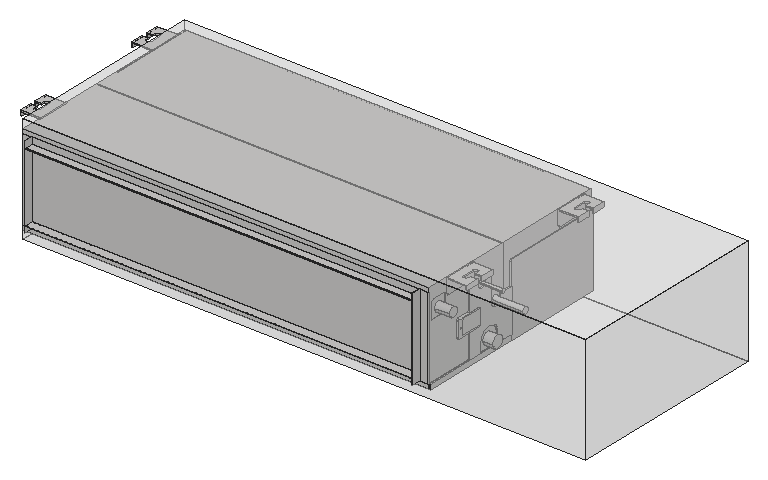
Revit family "outputfile", category 機械設備, Revit 2024
Family settings
  丸型コネクタ寸法 = 半径を使用
  パーツ タイプ = 標準
  OmniClass 番号 = 23.75.10.24.21.27.27
  OmniClass タイトル = Split System Air Conditioning Units
  作業面ベース = いいえ
  常に垂直 = はい
  ロード時にボイドで切り取り = いいえ
  注釈の向きを維持 = いいえ
  共有 = いいえ
  部屋計算ポイント = はい
Parameters (values of type "FXDQ40TV1C")
  Description = ""
  製造元 = "Daikin"
  書き出し IFC クラス(タイプ) = "IfcUnitaryEquipmentType"
  定義済み IFC タイプ(タイプ) = "AIRCONDITIONINGUNIT"
  Cost = 0
  モデル = "FXDQ40TV1C"
  Type Comments = ""
  Keynote = ""
  Type Image = (empty or 0)
  Assembly Code = ""
  r_Liquid Pipe Size = Liquid Pipe Size / 2  # 3.2 mm
  r_Gas Pipe Size = Gas Pipe Size / 2  # 6.35 mm
  r_Drain Pipe Size = Drain Pipe Size / 2  # 10.0 mm
  lw_powersuply = 65.0 mm  # constant formula
  lh_suctionflange [instance] = [h***] + 100.5 mm  # 100.5 mm
  lh_mounting = lh_mountinghole + [h***]  # 200.0 mm
  ld_suctionflange [instance] = if(and(Rear Connection_Return Air, Width = 700.0 mm), 94.5 mm, if(and(Rear Connection_Return Air, Width = 900.0 mm), 94.0 mm, if(and(Rear Connection_Return Air, Width = 1100.0 mm), 94.0 mm, 100.5 mm)))  # 94.0 mm
  ld_powersuply = 64.0 mm  # constant formula
  ld_mountinghole_Back = if(Width = 900.0 mm, 169.0 mm, 165.0 mm)  # 169.0 mm
  ld_mountinghole_Front = if(Width = 900.0 mm, 140.0 mm, 144.0 mm)  # 140.0 mm
  ld_RA_below = if(Width = 700.0 mm, 189.0 mm, 188.0 mm)  # 188.0 mm
  ld_RA = if(Width = 700.0 mm, 94.5 mm, 94.0 mm)  # 94.0 mm
  angle_vertical_RA [instance] = if(Rear Connection_Return Air, 90.00°, 0.00°)  # 90.00°
  angle horizontal_RA [instance] = if(Rear Connection_Return Air, 180.00°, 270.00°)  # 180.00°
  Voltage_comment_50Hz = "220-240"
  Voltage_50Hz = 220 V
  URL = ""
  Supply Air Direction [instance] = yes
  Sound Power Level_H speed (dB) = 0
  Rear Connection_Return Air [instance] = not(Bottom Connection_Return Air)  # yes
  Phase_50Hz = 1
  Minimum External Static Pressure = 10.00 Pa
  Minimum Circuit Amps_50Hz = 1.9 A
  Maximum Fuse Amps_50Hz = 15.0 A
  Maximum External Static Pressure = 60.00 Pa
  Material_Casing = DAIKIN_GalvanizedSteel_Casing_indoorunit
  ld_liquidpipe = 142.0 mm  # constant formula
  ld_gaspipe = 181.0 mm  # constant formula
  lw_mountinghole = Width + 52.0 mm  # 952.0 mm
  ld_drainpipe = 28.0 mm  # constant formula
  lh_liquidpipe = 151.0 mm
  lh_gaspipe = 101.0 mm
  lh_mountinghole = 200.0 mm  # constant formula
  lh_drainpipe = 152.0 mm  # constant formula
  h_antenna = Height - lh_mountinghole + 1.0 mm  # 1.0 mm
  h*** = 0.0 mm  # constant formula
  Width = 900.0 mm
  Version = "ver.1.0"
  Unit Type = "Slim Duct (Standard) Type"
  Unit Mass Weight = 21.00 kg
  Unit Designation [instance] = ""
  Uniclass2015Version = "Products v1.30"
  Uniclass2015Title = "Variable refrigerant flow units"
  Uniclass2015Code = "Pr_70_65_03_94"
  Total Heating Capacity [instance] = 0.000 kW
  Total Cooling Capacity [instance] = 0.000 kW
  Sound Pressure Level_M speed (dBA) = 0
  Sound Pressure Level_L speed (dBA) = 29
  Sound Pressure Level_H speed (dBA) = 34
  Series = "VRV Fan Coil Unit"
  Sensible Cooling Capacity [instance] = 0.000 kW
  SA Duct Size Width = if(Width = 900.0 mm, 860.0 mm, if(Width = 1100.0 mm, 1060.0 mm, 660.0 mm))  # 860.0 mm
  SA Duct Size Height = 153.0 mm  # constant formula
  Refrigerant Type = "R410A"
  RA Duct Size Width = if(Width = 900.0 mm, 775.0 mm, if(Width = 1100.0 mm, 975.0 mm, 575.0 mm))  # 775.0 mm
  RA Duct Size Height [instance] = if(Rear Connection_Return Air, 163.0 mm, if(Width = 700.0 mm, 153.0 mm, 152.0 mm))  # 163.0 mm
  Power Input (Heating) = 0.045 kW
  Power Input (Cooling) = 0.050 kW
  Option Accessory 3 [instance] = ""
  Option Accessory 2 [instance] = ""
  Option Accessory 1 [instance] = ""
  Nominal Heating Capacity = 5.000 kW
  Nominal Cooling Capacity = 4.500 kW
  Minimum Airflow = 0.00 m³/h
  Median Airflow = 0.00 m³/h
  Maximum Airflow = 756.00 m³/h
  Load Classification = HVAC
  Liquid Pipe Size = 6.4 mm
  Link_Nested Family [instance] = ""
  IfcVersion = "0"
  IfcExportType = "AIRCONDITIONINGUNIT"
  IfcExportAs = "IfcUnitaryEquipmentType"
  Height = 200.0 mm
  Heating Entering Wet Bulb Temperature [instance] = 0.00 °C
  Heating Entering Dry Bulb Temperature [instance] = 0.00 °C
  Heating Ambient Wet Bulb Temperature [instance] = 0.00 °C
  Heating Ambient Dry Bulb Temperature [instance] = 0.00 °C
  Heat Exchanger Type = "Cross Fin Coil"
  Gas Pipe Size = 12.7 mm
  Frequency_50Hz = 50 Hz
  Fan Type = "Sirocco Fan"
  Fan Drive = "Direct Drive"
  FCU Tag No. [instance] = ""
  Drain Pipe Size = 20.0 mm
  Design Supply Airflow [instance] = 0.00 m³/h
  Design Return Airflow [instance] = 0.00 m³/h
  Design External Static Pressure [instance] = 0.00 Pa
  Depth = 450.0 mm
  既定の高さ = 0.0 mm
  Cooling Entering Wet Bulb Temperature [instance] = 0.00 °C
  Cooling Entering Dry Bulb Temperature [instance] = 0.00 °C
  Cooling Ambient Wet Bulb Temperature [instance] = 0.00 °C
  Cooling Ambient Dry Bulb Temperature [instance] = 0.00 °C
  Clearance visibility [instance] = yes
  Clearance Top = 20.0 mm
  Clearance Right = 350.0 mm
  Clearance Rear = 0.0 mm
  Clearance Left = 0.0 mm
  Clearance Front = 0.0 mm
  Clearance Bottom = 20.0 mm
  Bottom Connection_Return Air [instance] = no
Reference planes
  plane 1 "Center (Front/Back)": y = 0
  plane 2 "Bottom": z = -200
  plane 3 "Center (Left/Right)": x = 0
  plane 4 "Back": y = 225
  plane 5 "Front": y = -225
  plane 6 "Left": x = -450
  plane 7 "Right": x = 450
  plane 8 "Top": z = 0
  plane 9 "BB": y = -20
  plane 10 "condensate water pan": z = -190
  plane 11 "Below": z = -200
  plane 12 "Other components Right": x = 455
  plane 13 "Other components Left": x = 445
  plane 14 "lh_drainpipe": z = -48
  plane 15 "ld_drainpipe": y = -197
  plane 16 "drainpipe": x = 483
  plane 17 "lh_liquidpipe": z = -49
  plane 18 "ld_liquidpipe": y = -83
  plane 19 "ld_gaspipe": y = -44
  plane 20 "lh_gaspipe": z = -99
  plane 21: x = 503
  plane 22: x = 520
  plane 23: x = 474
  plane 24 "w_mountinghole_Left": x = -476
  plane 25 "w_mountinghole_Right": x = 476
  plane 26 "d_mountinghole_Back": y = 169
  plane 27 "d_mountinghole_Front": y = -140
  plane 28 "h_mountinghole": z = 0
  plane 29 "lw_powersuply": x = 385
  plane 30 "ld_powersuply": y = -161
  plane 31 "Clearance Left": x = -450
  plane 32 "Clearance Right": x = 800
  plane 33 "Clearance Rear": y = 225
  plane 34 "Clearance Front": y = -225
  plane 35 "Clearance Bottom": z = -220
  plane 36 "Clearance Top": z = 20
  plane 37 "RA": y = 224
  plane 38: z = -199
  plane 39 "RA_d": y = 131
  plane 40 "RA_w": x = -51.5
  plane 41 "RA_h": z = -99.5
  plane 42 "SA_h": z = -99
  plane 43 "RA_dd": y = 37
Forms (mm)
  Extrusion 1, solid, material "DAIKIN_GalvanizedSteel_Casing_indoorunit" <- "Material_Casing"
    sketch origin (0, 0, 100) x (0, 1, 0) y (0, 0, 1)
      loop
        line (-20, -100) -> (-20, -300) -> (225, -300) -> (225, -100) -> (-20, -100)
    from -450 to 450
  Extrusion 2, solid, material "DAIKIN_GalvanizedSteel_Casing_indoorunit" <- "Material_Casing"
    sketch origin (0, 0, 100) x (0, 1, 0) y (0, 0, 1)
      loop
        line (-225, -100) -> (-225, -290) -> (-20, -290) -> (-20, -100) -> (-225, -100)
    from -450 to 450
  Extrusion 3, solid, material "DAIKIN_GalvanizedSteel_Casing_indoorunit" <- "Material_Casing"
    sketch origin (0, 0, 100) x (0, 1, 0) y (0, 0, 1)
      loop
        line (-225, -290) -> (-225, -300) -> (-20, -300) -> (-20, -290) -> (-225, -290)
    from -450 to 450
  Extrusion 4, solid, material "DAIKIN_GalvanizedSteel_Casing_indoorunit" <- "Material_Casing"
    sketch origin (0, 0, 0) x (0, 1, 0) y (0, 0, 1)
      loop
        arc (2, -40) -> (-0.121, -40.879) -> (-1, -43) r 3
        line (-1, -43) -> (-1, -197)
        arc (-1, -197) -> (-0.121, -199.121) -> (2, -200) r 3
        line (2, -200) -> (225, -200) -> (225, -40) -> (2, -40)
    from 450 to 455
  Extrusion 5, solid, material "DAIKIN_GalvanizedSteel_Casing_indoorunit" <- "Material_Casing"
    sketch origin (620, 0, 0) x (0, 1, 0) y (0, 0, 1)
      loop
        line (-225, -190) -> (-225, -200) -> (-2, -200) -> (-2, -193)
        arc (-2, -193) -> (-2.879, -190.879) -> (-5, -190) r 3
        line (-5, -190) -> (-225, -190)
    from -170 to -165
  Extrusion 6, void
    sketch origin (0, 0, 0) x (0, 1, 0) y (0, 0, 1)
      loop
        arc (-145.64, -94.17) -> (-147.761, -95.049) -> (-148.64, -97.17) r 3
        line (-148.64, -97.17) -> (-148.64, -131.17)
        arc (-148.64, -131.17) -> (-147.761, -133.291) -> (-145.64, -134.17) r 3
        line (-145.64, -134.17) -> (-91.78, -134.17)
        arc (-91.78, -134.17) -> (-89.659, -133.291) -> (-88.78, -131.17) r 3
        line (-88.78, -131.17) -> (-88.78, -97.17)
        arc (-88.78, -97.17) -> (-89.659, -95.049) -> (-91.78, -94.17) r 3
        line (-91.78, -94.17) -> (-145.64, -94.17)
    from 445 to 455
  Extrusion 7, void
    sketch origin (460, 0, 0) x (0, 1, 0) y (0, 0, 1)
      loop
        arc (-212.95, -27.05) -> (-216.486, -28.514) -> (-217.95, -32.05) r 5
        line (-217.95, -32.05) -> (-217.95, -63.95)
        arc (-217.95, -63.95) -> (-216.486, -67.486) -> (-212.95, -68.95) r 5
        line (-212.95, -68.95) -> (-181.05, -68.95)
        arc (-181.05, -68.95) -> (-177.514, -67.486) -> (-176.05, -63.95) r 5
        line (-176.05, -63.95) -> (-176.05, -32.05)
        arc (-176.05, -32.05) -> (-177.514, -28.514) -> (-181.05, -27.05) r 5
        line (-181.05, -27.05) -> (-212.95, -27.05)
    from -15 to -5
  Extrusion 8, solid, material "DAIKIN_GalvanizedSteel_Casing_indoorunit" <- "Material_Casing"
    sketch origin (700, 0, 0) x (0, 1, 0) y (0, 0, 1)
      loop
        line (-116.823, -42) -> (-116.823, -190) -> (-87.438, -190) -> (-87.438, -167.881)
        arc (-87.438, -167.881) -> (-62.998, -143.441) -> (-38.558, -167.881) r 24.44
        line (-38.558, -167.881) -> (-38.558, -190) -> (-1, -190) -> (-1, -92.773) -> (-27.497, -92.773)
        arc (-27.497, -92.773) -> (-28.911, -93.359) -> (-29.497, -94.773) r 2
        line (-29.497, -94.773) -> (-29.497, -99)
        arc (-29.497, -99) -> (-43.997, -113.5) -> (-58.497, -99) r 14.5
        line (-58.497, -99) -> (-58.497, -42.3)
        arc (-58.497, -42.3) -> (-59.171, -40.674) -> (-60.797, -40) r 2.3
        line (-60.797, -40) -> (-69, -40)
        arc (-69, -40) -> (-70.414, -40.586) -> (-71, -42) r 2
        line (-71, -42) -> (-71, -49)
        arc (-71, -49) -> (-83, -61) -> (-95, -49) r 12
        line (-95, -49) -> (-95, -42)
        arc (-95, -42) -> (-95.586, -40.586) -> (-97, -40) r 2
        line (-97, -40) -> (-114.823, -40)
        arc (-114.823, -40) -> (-116.237, -40.586) -> (-116.823, -42) r 2
    from -250 to -245
  Extrusion 9, solid, material "DAIKIN_GalvanizedSteel_Casing_indoorunit" <- "Material_Casing"
    sketch origin (0, 0, 0) x (0, 1, 0) y (0, 0, 1)
      loop
        line (-91.78, -95.17) -> (-145.64, -95.17)
        arc (-145.64, -95.17) -> (-147.054, -95.756) -> (-147.64, -97.17) r 2
        line (-147.64, -97.17) -> (-147.64, -131.17)
        arc (-147.64, -131.17) -> (-147.054, -132.584) -> (-145.64, -133.17) r 2
        line (-145.64, -133.17) -> (-91.78, -133.17)
        arc (-91.78, -133.17) -> (-90.366, -132.584) -> (-89.78, -131.17) r 2
        line (-89.78, -131.17) -> (-89.78, -97.17)
        arc (-89.78, -97.17) -> (-90.366, -95.756) -> (-91.78, -95.17) r 2
    from 445 to 455
  Extrusion 10, solid, material "DAIKIN_GalvanizedSteel_Casing_indoorunit" <- "Material_Casing"
    sketch origin (0, 0, 0) x (0, 1, 0) y (0, 0, 1)
      loop
        line (-89.78, -97.67) -> (-136.14, -97.67) -> (-136.14, -130.67) -> (-89.78, -130.67) -> (-89.78, -97.67)
      loop
        circle (-142.64, -114.17) r 1.5
    from 450 to 455
  Extrusion 11, solid, material "DAIKIN_GalvanizedSteel_Casing_indoorunit" <- "Material_Casing"
    sketch origin (0, 0, 0) x (0, 1, 0) y (0, 0, 1)
      loop
        circle (-197, -48) r 10
    from 450 to 483
  Extrusion 12, solid, material "DAIKIN_GalvanizedSteel_Casing_indoorunit" <- "Material_Casing"
    sketch origin (0, 0, 0) x (0, 1, 0) y (0, 0, 1)
      loop
        circle (-83, -49) r 3.2
    from 450 to 503
  Extrusion 13, solid, material "DAIKIN_GalvanizedSteel_Casing_indoorunit" <- "Material_Casing"
    sketch origin (0, 0, 0) x (0, 1, 0) y (0, 0, 1)
      loop
        circle (-44, -99) r 6.35
    from 450 to 520
  Extrusion 14, solid, material "DAIKIN_GalvanizedSteel_Casing_indoorunit" <- "Material_Casing"
    sketch origin (0, 0, 0) x (0, 1, 0) y (0, 0, 1)
      loop
        circle (-62.998, -169) r 13
    from 450 to 474
  Extrusion 15, void
    sketch origin (0, 0, 0) x (1, 0, 0) y (0, 0, 1)
      loop
        line (346, -1) -> (-449, -1) -> (-449, -200) -> (346, -200) -> (346, -1)
    from -225 to -37
  Extrusion 16, solid, material "DAIKIN_GalvanizedSteel_Casing_indoorunit" <- "Material_Casing", visible <- "Bottom Connection_Return Air"
    sketch origin (0, 0, 0) x (1, 0, 0) y (0, 0, 1)
      loop
        line (346, -1) -> (-449, -1) -> (-449, -200) -> (346, -200) -> (346, -1)
    from -225 to -224
  Extrusion 17, solid, material "DAIKIN_GalvanizedSteel_Casing_indoorunit" <- "Material_Casing", visible <- "Rear Connection_Return Air"
    sketch origin (0, 0, 0) x (1, 0, 0) y (0, 1, 0)
      loop
        line (-449, 37) -> (346, 37) -> (346, 225) -> (-449, 225) -> (-449, 37)
    from -200 to -199
Cuts and joins
  Extrusion 6, Extrusion 7 cuts Extrusion 2
  Extrusion 6 cuts Extrusion 8
  Extrusion 15 cuts Extrusion 1
Dimensions and locks
  locked: plane 9 "BB" to plane 1 "Center (Front/Back)" at 20
  equal spacing: plane 4 "Back", plane 1 "Center (Front/Back)", plane 5 "Front"
  "Depth": plane 4 "Back" to plane 5 "Front"
  plane 9 "BB" to plane 4 "Back" = 245.0 mm
  plane 5 "Front" to plane 9 "BB" = 205.0 mm
  equal spacing: plane 6 "Left", plane 3 "Center (Left/Right)", plane 7 "Right"
  "Width": plane 6 "Left" to plane 7 "Right"
  locked: plane 1 "Center (Front/Back)" to plane 9 "BB" at 20
  "h***": plane 11 "Below" to plane 2 "Bottom"
  locked: plane 10 "condensate water pan" to plane 11 "Below" at 10
  "Height": plane 8 "Top" to plane 11 "Below"
  locked: Extrusion 4 sketch curve to plane 4 "Back" at 226
  locked: Extrusion 4 sketch curve to plane 11 "Below" at 160
  locked: plane 7 "Right" to plane 12 "Other components Right" at 5
  locked: plane 13 "Other components Left" to plane 7 "Right" at 5
  "lh_drainpipe": plane 14 "lh_drainpipe" to plane 11 "Below"
  plane 5 "Front" to plane 15 "ld_drainpipe" = 28.0 mm
  "ld_drainpipe": plane 15 "ld_drainpipe" to plane 5 "Front"
  locked: plane 7 "Right" to plane 16 "drainpipe" at 33
  "lh_liquidpipe": plane 17 "lh_liquidpipe" to plane 11 "Below"
  "ld_liquidpipe": plane 18 "ld_liquidpipe" to plane 5 "Front"
  "ld_gaspipe": plane 19 "ld_gaspipe" to plane 5 "Front"
  plane 5 "Front" to plane 18 "ld_liquidpipe" = 142.0 mm
  plane 5 "Front" to plane 19 "ld_gaspipe" = 181.0 mm
  "lh_gaspipe": plane 20 "lh_gaspipe" to plane 11 "Below"
  locked: plane 7 "Right" to plane 21 at 53
  locked: plane 7 "Right" to plane 22 at 70
  locked: plane 7 "Right" to plane 23 at 24
  equal spacing: plane 24 "w_mountinghole_Left", plane 3 "Center (Left/Right)", plane 25 "w_mountinghole_Right"
  "lw_mountinghole": plane 24 "w_mountinghole_Left" to plane 25 "w_mountinghole_Right"
  plane 26 "d_mountinghole_Back" to plane 27 "d_mountinghole_Front" = 309.0 mm
  "lh_mountinghole": plane 28 "h_mountinghole" to plane 11 "Below"
  "lw_powersuply": plane 29 "lw_powersuply" to plane 7 "Right"
  "ld_powersuply": plane 5 "Front" to plane 30 "ld_powersuply"
  "Clearance Rear": plane 33 "Clearance Rear" to plane 4 "Back"
  "Clearance Front": plane 5 "Front" to plane 34 "Clearance Front"
  "Clearance Bottom": plane 11 "Below" to plane 35 "Clearance Bottom"
  "Clearance Top": plane 36 "Clearance Top" to plane 8 "Top"
  "Clearance Left": plane 31 "Clearance Left" to plane 6 "Left"
  "Clearance Right": plane 7 "Right" to plane 32 "Clearance Right"
  locked: cut or joined group of Extrusion 1, Extrusion 15 to plane 6 "Left" at 1
  locked: plane 7 "Right" to cut or joined group of Extrusion 1, Extrusion 15 at 104
  locked: plane 4 "Back" to plane 37 "RA" at 1
  locked: plane 6 "Left" to Extrusion 17 sketch curve at 1
  locked: Extrusion 17 sketch curve to plane 7 "Right" at 104
  locked: plane 38 to plane 11 "Below" at 1
  locked: plane 40 "RA_w" to plane 3 "Center (Left/Right)" at 51.5
  "ld_RA": plane 39 "RA_d" to plane 4 "Back"
  locked: plane 11 "Below" to plane 41 "RA_h" at 100.5
  locked: plane 11 "Below" to plane 42 "SA_h" at 101
  "ld_mountinghole_Back": plane 26 "d_mountinghole_Back" to plane 1 "Center (Front/Back)"
  "ld_mountinghole_Front": plane 27 "d_mountinghole_Front" to plane 1 "Center (Front/Back)"
  "ld_RA_below": plane 4 "Back" to plane 43 "RA_dd"
  "r_Liquid Pipe Size": radius of Extrusion 12 sketch curve
  "r_Gas Pipe Size": radius of Extrusion 13 sketch curve
  "r_Drain Pipe Size": radius of Extrusion 11 sketch curve
  aligned and locked: Extrusion 1 sketch curve to plane 8 "Top"
  aligned and locked: Extrusion 1 sketch curve to plane 9 "BB"
  aligned and locked: Extrusion 1 sketch curve to plane 4 "Back"
  aligned and locked: Extrusion 2 sketch curve to plane 9 "BB"
  aligned and locked: Extrusion 2 sketch curve to plane 8 "Top"
  aligned and locked: plane 5 "Front" to Extrusion 2 sketch curve
  aligned and locked: Extrusion 1 to plane 6 "Left"
  aligned and locked: plane 7 "Right" to Extrusion 1
  aligned and locked: Extrusion 2 to plane 6 "Left"
  aligned and locked: plane 7 "Right" to Extrusion 2
  aligned and locked: plane 10 "condensate water pan" to Extrusion 2 sketch curve
  aligned and locked: Extrusion 3 sketch curve to plane 10 "condensate water pan"
  aligned and locked: plane 5 "Front" to Extrusion 3 sketch curve
  aligned and locked: plane 9 "BB" to Extrusion 3 sketch curve
  aligned and locked: Extrusion 3 to plane 6 "Left"
  aligned and locked: plane 7 "Right" to Extrusion 3
  aligned and locked: plane 11 "Below" to Extrusion 3
  aligned and locked: Extrusion 1 to plane 11 "Below"
  aligned and locked: plane 11 "Below" to Extrusion 4 sketch curve
  aligned and locked: Extrusion 4 sketch curve to plane 4 "Back"
  aligned and locked: Extrusion 4 to plane 7 "Right"
  aligned and locked: plane 12 "Other components Right" to Extrusion 4
  aligned and locked: Extrusion 5 sketch curve to plane 10 "condensate water pan"
  aligned and locked: plane 5 "Front" to Extrusion 5 sketch curve
  aligned and locked: plane 11 "Below" to Extrusion 5 sketch curve
  aligned and locked: Extrusion 5 to plane 7 "Right"
  aligned and locked: plane 12 "Other components Right" to Extrusion 5
  aligned and locked: Extrusion 8 to plane 7 "Right"
  aligned and locked: plane 12 "Other components Right" to Extrusion 8
  aligned and locked: Extrusion 6 to plane 13 "Other components Left"
  aligned and locked: Extrusion 7 to plane 13 "Other components Left"
  aligned and locked: plane 12 "Other components Right" to Extrusion 7
  aligned and locked: plane 12 "Other components Right" to Extrusion 6
  aligned and locked: Extrusion 10 to plane 7 "Right"
  aligned and locked: Extrusion 9 to plane 13 "Other components Left"
  aligned and locked: plane 16 "drainpipe" to Extrusion 11
  aligned and locked: Extrusion 11 to plane 7 "Right"
  aligned and locked: plane 12 "Other components Right" to Extrusion 9
  aligned and locked: plane 12 "Other components Right" to Extrusion 10
  aligned and locked: Extrusion 12 to plane 7 "Right"
  aligned and locked: plane 21 to Extrusion 12
  aligned and locked: Extrusion 13 sketch curve to plane 19 "ld_gaspipe"
  aligned and locked: plane 20 "lh_gaspipe" to Extrusion 13 sketch curve
  aligned and locked: Extrusion 12 sketch curve to plane 18 "ld_liquidpipe"
  aligned and locked: plane 17 "lh_liquidpipe" to Extrusion 12 sketch curve
  aligned and locked: plane 14 "lh_drainpipe" to Extrusion 11 sketch curve
  aligned and locked: Extrusion 11 sketch curve to plane 15 "ld_drainpipe"
  aligned and locked: Extrusion 13 to plane 7 "Right"
  aligned and locked: plane 22 to Extrusion 13
  aligned and locked: Extrusion 14 to plane 7 "Right"
  aligned and locked: plane 23 to Extrusion 14
  aligned and locked: plane 25 "w_mountinghole_Right" to nested 2
  aligned and locked: nested 2 to plane 26 "d_mountinghole_Back"
  aligned and locked: plane 28 "h_mountinghole" to nested 2
  aligned and locked: plane 27 "d_mountinghole_Front" to nested 3
  aligned and locked: plane 25 "w_mountinghole_Right" to nested 3
  aligned and locked: plane 24 "w_mountinghole_Left" to nested 4
  aligned and locked: plane 26 "d_mountinghole_Back" to nested 4
  aligned and locked: plane 24 "w_mountinghole_Left" to nested 5
  aligned and locked: nested 5 to plane 27 "d_mountinghole_Front"
  aligned and locked: plane 28 "h_mountinghole" to nested 4
  aligned and locked: plane 28 "h_mountinghole" to nested 5
  aligned and locked: plane 28 "h_mountinghole" to nested 3
  aligned and locked: plane 24 "w_mountinghole_Left" to nested 1
  aligned and locked: nested 1 to plane 26 "d_mountinghole_Back"
  aligned and locked: plane 27 "d_mountinghole_Front" to nested 6
  aligned and locked: plane 24 "w_mountinghole_Left" to nested 6
  aligned and locked: nested 7 to plane 25 "w_mountinghole_Right"
  aligned and locked: nested 7 to plane 26 "d_mountinghole_Back"
  aligned and locked: plane 27 "d_mountinghole_Front" to nested 8
  aligned and locked: nested 8 to plane 25 "w_mountinghole_Right"
  aligned and locked: plane 15 "ld_drainpipe" to nested 9
  aligned and locked: plane 7 "Right" to nested 9
  aligned and locked: plane 14 "lh_drainpipe" to nested 9
  aligned and locked: plane 7 "Right" to nested 11
  aligned and locked: plane 7 "Right" to nested 10
  aligned and locked: plane 18 "ld_liquidpipe" to nested 10
  aligned and locked: plane 19 "ld_gaspipe" to nested 11
  aligned and locked: nested 10 to plane 17 "lh_liquidpipe"
  aligned and locked: nested 11 to plane 20 "lh_gaspipe"
  aligned and locked: plane 31 "Clearance Left" to nested 12
  aligned and locked: nested 12 to plane 33 "Clearance Rear"
  aligned and locked: plane 34 "Clearance Front" to nested 12
  aligned and locked: nested 12 to plane 32 "Clearance Right"
  aligned and locked: plane 36 "Clearance Top" to nested 12
  aligned and locked: plane 35 "Clearance Bottom" to nested 12
  aligned and locked: nested 13 to plane 29 "lw_powersuply"
  aligned and locked: plane 30 "ld_powersuply" to nested 13
  aligned and locked: nested 13 to plane 20 "lh_gaspipe"
  aligned and locked: plane 3 "Center (Left/Right)" to nested 14
  aligned and locked: plane 1 "Center (Front/Back)" to nested 14
  aligned and locked: plane 1 "Center (Front/Back)" to nested 15
  aligned and locked: nested 15 to plane 11 "Below"
  aligned and locked: plane 3 "Center (Left/Right)" to nested 16
  aligned and locked: plane 3 "Center (Left/Right)" to nested 17
  aligned and locked: plane 8 "Top" to nested 16
  aligned and locked: plane 4 "Back" to Extrusion 15
  aligned and locked: plane 4 "Back" to Extrusion 16
  aligned and locked: Extrusion 16 to plane 37 "RA"
  aligned and locked: Extrusion 17 to plane 11 "Below"
  aligned and locked: plane 38 to Extrusion 17
  aligned and locked: plane 39 "RA_d" to nested 18
  aligned and locked: plane 1 "Center (Front/Back)" to nested 19
  aligned and locked: plane 3 "Center (Left/Right)" to nested 19
  aligned and locked: plane 42 "SA_h" to nested 19
  aligned and locked: nested 16 to plane 37 "RA"
  aligned and locked: nested 16 to plane 4 "Back"
  aligned and locked: nested 17 to plane 38
  aligned and locked: nested 17 to plane 37 "RA"
  aligned and locked: Extrusion 15 to plane 43 "RA_dd"
  aligned and locked: Extrusion 17 sketch curve to plane 43 "RA_dd"
  aligned and locked: level to plane 8 "Top"
Automatic sketch dimensions
  Extrusion 1 sketch curve to plane 10 "condensate water pan" = 10.0 mm
  Extrusion 3 sketch curve to plane 10 "condensate water pan" = 10.0 mm
  Extrusion 4 sketch curve to plane 10 "condensate water pan" = 7.0 mm
  Extrusion 4 sketch curve to plane 1 "Center (Front/Back)" = 2.0 mm
  plane 1 "Center (Front/Back)" to Extrusion 5 sketch curve = 2.0 mm
  Extrusion 5 sketch curve to plane 10 "condensate water pan" = 3.0 mm
  plane 5 "Front" to Extrusion 6 sketch curve = 76.36 mm
  Extrusion 6 sketch curve to Extrusion 6 sketch curve = 3.0 mm  (x3)
  Extrusion 6 sketch curve to Extrusion 6 sketch curve = 53.86 mm
  Extrusion 6 sketch curve to Extrusion 6 sketch curve = 0.0 mm
  plane 10 "condensate water pan" to Extrusion 6 sketch curve = 55.83 mm
  Extrusion 6 sketch curve to Extrusion 6 sketch curve = 34.0 mm
  plane 5 "Front" to Extrusion 7 sketch curve = 7.05 mm
  Extrusion 7 sketch curve to Extrusion 7 sketch curve = 5.0 mm  (x3)
  Extrusion 7 sketch curve to Extrusion 7 sketch curve = 31.9 mm  (x3)
  Extrusion 7 sketch curve to plane 8 "Top" = 68.95 mm
  Extrusion 8 sketch curve to plane 10 "condensate water pan" = 0.0 mm  (x2)
  Extrusion 8 sketch curve to plane 9 "BB" = 96.823 mm
  Extrusion 8 sketch curve to Extrusion 8 sketch curve = 2.0 mm  (x4)
  Extrusion 8 sketch curve to Extrusion 8 sketch curve = 17.823 mm
  Extrusion 8 sketch curve to Extrusion 8 sketch curve = 29.385 mm
  Extrusion 8 sketch curve to Extrusion 8 sketch curve = 12.0 mm
  Extrusion 8 sketch curve to Extrusion 8 sketch curve = 24.44 mm
  Extrusion 8 sketch curve to Extrusion 8 sketch curve = 8.203 mm
  Extrusion 8 sketch curve to plane 9 "BB" = 38.497 mm
  Extrusion 8 sketch curve to Extrusion 8 sketch curve = 14.5 mm
  plane 1 "Center (Front/Back)" to Extrusion 8 sketch curve = 1.0 mm
  Extrusion 8 sketch curve to Extrusion 8 sketch curve = 22.119 mm
  Extrusion 8 sketch curve to Extrusion 8 sketch curve = 68.881 mm
  Extrusion 8 sketch curve to Extrusion 8 sketch curve = 4.227 mm
  Extrusion 8 sketch curve to plane 8 "Top" = 49.0 mm
  Extrusion 8 sketch curve to Extrusion 8 sketch curve = 6.7 mm
  Extrusion 8 sketch curve to Extrusion 8 sketch curve = 7.0 mm
  plane 5 "Front" to Extrusion 9 sketch curve = 79.36 mm
  Extrusion 9 sketch curve to Extrusion 9 sketch curve = 2.0 mm  (x3)
  Extrusion 9 sketch curve to Extrusion 9 sketch curve = 53.86 mm
  Extrusion 9 sketch curve to Extrusion 9 sketch curve = 0.0 mm
  plane 10 "condensate water pan" to Extrusion 9 sketch curve = 56.83 mm
  Extrusion 9 sketch curve to Extrusion 9 sketch curve = 34.0 mm
  plane 5 "Front" to Extrusion 10 sketch curve = 82.36 mm
  Extrusion 10 sketch curve to Extrusion 10 sketch curve = 6.5 mm
  Extrusion 10 sketch curve to Extrusion 10 sketch curve = 46.36 mm
  plane 10 "condensate water pan" to Extrusion 10 sketch curve = 59.33 mm
  Extrusion 10 sketch curve to Extrusion 10 sketch curve = 16.5 mm  (x2)
  Extrusion 14 sketch curve to plane 19 "ld_gaspipe" = 18.998 mm
  plane 10 "condensate water pan" to Extrusion 14 sketch curve = 21.0 mm
  plane 6 "Left" to Extrusion 15 sketch curve = 1.0 mm
  plane 35 "Clearance Bottom" to Extrusion 15 sketch curve = 20.0 mm
  plane 29 "lw_powersuply" to Extrusion 15 sketch curve = 39.0 mm
  Extrusion 15 sketch curve to plane 8 "Top" = 1.0 mm
  plane 6 "Left" to Extrusion 16 sketch curve = 1.0 mm
  Extrusion 16 sketch curve to plane 11 "Below" = 0.0 mm
  plane 29 "lw_powersuply" to Extrusion 16 sketch curve = 39.0 mm
  Extrusion 16 sketch curve to plane 8 "Top" = 1.0 mm
  Extrusion 17 sketch curve to plane 4 "Back" = 0.0 mm
  radius of Extrusion 10 sketch curve = 1.5 mm
  radius of Extrusion 14 sketch curve = 13.0 mm
Nested families
  nested 1: "daikin_mountinghole" at (-476, 169, -200), h_mountinghole <- "lh_mounting", l_antenna <- "h_antenna", Link_Nested Family <- "Link_Nested Family", type "daikin_mountinghole"
    with show yes, l_antenna 1.0 mm, h_mountinghole 200.0 mm, Link_Nested Family ""
  nested 2: "daikin_hangerfixture_FXDQ-TV1C(A)" at (450, 169, 0), type "daikin_hangerfixture_FXDQ-TV1C(A)"
  nested 3: "daikin_hangerfixture_FXDQ-TV1C(A)" at (450, -140, 0), type "daikin_hangerfixture_FXDQ-TV1C(A)"
  nested 4: "daikin_hangerfixture_FXDQ-TV1C(A)" at (-450, 169, 0) x (-1, 0, 0) z (0, 0, 1), type "daikin_hangerfixture_FXDQ-TV1C(A)"
  nested 5: "daikin_hangerfixture_FXDQ-TV1C(A)" at (-450, -140, 0) x (-1, 0, 0) z (0, 0, 1), type "daikin_hangerfixture_FXDQ-TV1C(A)"
  nested 6: "daikin_mountinghole" at (-476, -140, -200), h_mountinghole <- "lh_mounting", l_antenna <- "h_antenna", Link_Nested Family <- "Link_Nested Family", type "daikin_mountinghole"
    with show yes, l_antenna 1.0 mm, h_mountinghole 200.0 mm, Link_Nested Family ""
  nested 7: "daikin_mountinghole" at (476, 169, -200), h_mountinghole <- "lh_mounting", l_antenna <- "h_antenna", Link_Nested Family <- "Link_Nested Family", type "daikin_mountinghole"
    with show yes, l_antenna 1.0 mm, h_mountinghole 200.0 mm, Link_Nested Family ""
  nested 8: "daikin_mountinghole" at (476, -140, -200), h_mountinghole <- "lh_mounting", l_antenna <- "h_antenna", Link_Nested Family <- "Link_Nested Family", type "daikin_mountinghole"
    with show yes, l_antenna 1.0 mm, h_mountinghole 200.0 mm, Link_Nested Family ""
  nested 9: "daikin_connector_rotate2" at (450, -197, -48) x (0, 1, 0) z (0, 0, 1), radius <- "r_Drain Pipe Size", type "daikin_connector_rotate2"
    with radius 10.0 mm, length 33.0 mm, angle_vertical 90.00°, show_face no
  nested 10: "daikin_connector_rotate2" at (450, -83, -49) x (0, 1, 0) z (0, 0, 1), radius <- "r_Liquid Pipe Size", type "daikin_connector_rotate2"
    with radius 3.2 mm, length 53.0 mm, angle_vertical 90.00°, show_face no
  nested 11: "daikin_connector_rotate2" at (450, -44, -99) x (0, 1, 0) z (0, 0, 1), radius <- "r_Gas Pipe Size", type "daikin_connector_rotate2"
    with radius 6.35 mm, length 70.0 mm, angle_vertical 90.00°, show_face no
  nested 12: "daikin_clearancespace" at (175, 0, -99.881), visible <- "Clearance visibility", show <- "Clearance visibility", Link_Nested Family <- "Link_Nested Family", type "daikin_clearancespace"
    with width 1250.0 mm, show yes, height 240.0 mm, depth 450.0 mm, Link_Nested Family ""
  nested 13: "daikin_connector_rotate2" at (385, -161, -99) x (1, 0, 0) z (0, -1, 0), type "daikin_connector_rotate2"
    with radius 10.0 mm, length 101.0 mm, angle_vertical 90.00°, show_face no
  nested 14: "daikin_△_symbolicline" at (0, 0, 200), visible <- "Supply Air Direction", built-in parameter 1001360 <- "Height", type "daikin_△_symbolicline"
    with length 200.0 mm
  nested 15: "daikin_ductflange_FXDQ-TV1C(A)1" at (0, 0, -364.701), width <- "SA Duct Size Width", height <- "SA Duct Size Height", material <- "Material_Casing", type "daikin_ductflange_FXDQ-TV1C(A)1"
    with width 860.0 mm, material DAIKIN_GalvanizedSteel_Casing_indoorunit, height 153.0 mm, depth 20.0 mm
  nested 16: "daikin_ductflange_FXDQ-TV1C(A)2" at (0, 225, -99.5), visible <- "Rear Connection_Return Air", height <- "RA Duct Size Height", width <- "RA Duct Size Width", material <- "Material_Casing", type "daikin_ductflange_FXDQ-TV1C(A)2"
    with width 775.0 mm, material DAIKIN_GalvanizedSteel_Casing_indoorunit, height 163.0 mm, depth 1.0 mm
  nested 17: "daikin_ductflange_FXDQ-TV1C(A)2" at (0, 125.5, -200) x (1, 0, 0) z (0, 1, 0), visible <- "Bottom Connection_Return Air", width <- "RA Duct Size Width", height <- "RA Duct Size Height", type "daikin_ductflange_FXDQ-TV1C(A)2"
    with width 775.0 mm, material DAIKIN_GalvanizedSteel_Casing_indoorunit, height 163.0 mm, depth 1.0 mm
  nested 18: "daikin_connector_rotate3" at (-51.5, 131, -99.5), angle_vertical <- "angle_vertical_RA", angle_horizontal <- "angle horizontal_RA", length <- "ld_suctionflange", built-in parameter 1001364 <- "lh_suctionflange", type "daikin_connector_rotate3"
    with show yes, radius 10.0 mm, length 94.0 mm, angle_vertical 90.00°, angle_horizontal 180.00°
  nested 19: "daikin_connector_rotate2" at (0, 0, -99), type "daikin_connector_rotate2"
    with radius 10.0 mm, length 245.0 mm, angle_vertical 90.00°, show_face no
Connectors
  piping at (483, -197, -48), diameter 20, driven by "r_Drain Pipe Size"
    settings: on nested 9, index 1, connector inside diameter 609.6 mm, connector length 0.0 mm, flow factor 0, pipe flow 0.00 m³/h, pressure drop 0.0 Pa, fitting loss kfactor 0, connector angle 0.00°, fixture units 0, engagement length 0.0 mm, angle of deflection 0.00°, flow configuration 1, flow direction 2, fitting loss method 4, system type 16, joint type 0, gender type 0, connector reference index -1, connector utility 0, adjustable connector no, is connector primary yes, connector description "Condensate Drain Piping"
  piping at (520, -44, -99), diameter 12.7, driven by "r_Gas Pipe Size"
    settings: on nested 11, index 2, connector inside diameter 609.6 mm, connector length 0.0 mm, flow factor 0, pipe flow 0.00 m³/h, pressure drop 0.0 Pa, fitting loss kfactor 0, connector angle 0.00°, fixture units 0, engagement length 0.0 mm, angle of deflection 0.00°, flow configuration 1, flow direction 2, fitting loss method 0, system type 29, joint type 0, gender type 0, connector reference index -1, connector utility 0, adjustable connector no, is connector primary no, connector description "Refrigerant Gas Piping"
  piping at (503, -83, -49), diameter 6.4, driven by "r_Liquid Pipe Size"
    settings: on nested 10, index 3, connector inside diameter 609.6 mm, connector length 0.0 mm, flow factor 0, pipe flow 0.00 m³/h, pressure drop 0.0 Pa, fitting loss kfactor 0, connector angle 0.00°, fixture units 0, engagement length 0.0 mm, angle of deflection 0.00°, flow configuration 1, flow direction 1, fitting loss method 0, system type 29, joint type 0, gender type 0, connector reference index -1, connector utility 0, adjustable connector no, is connector primary no, connector description "Refrigerant Liquid Piping"
  electrical at (385, -161, -200), driven by "Load Classification"
    settings: on nested 13, index 4, voltage 0 V, apparent load 0 VA, apparent load phase1 0 VA, apparent load phase2 0 VA, apparent load phase3 0 VA, power factor 1, load classification "HVAC", number of poles 1, system type 30, power factor state 1, is connector primary yes, connector utility no, sub classification motor no, connector description "Power Supply"
  hvac at (-51.5, 225, -99.5), driven by "RA Duct Size Height", driven by "RA Duct Size Width"
    settings: on nested 18, index 5, duct flow 0.00 m³/h, flow factor 0, pres drop 0.00 Pa, loss coef 0, conn angle 0.00°, conn width 775.0 mm, conn height 163.0 mm, conn diameter 609.6 mm, duct sys type 2, conn prof type 1, flow config 0, flow direction 1, loss method 4, conn ref index -1, conn util no, is conn primary yes, conn desc "RA Duct"
  hvac at (0, -245, -99), driven by "SA Duct Size Height", driven by "SA Duct Size Width"
    settings: on nested 19, index 6, duct flow 0.00 m³/h, flow factor 0, pres drop 0.00 Pa, loss coef 0, conn angle 0.00°, conn width 860.0 mm, conn height 153.0 mm, conn diameter 609.6 mm, duct sys type 1, conn prof type 1, flow config 0, flow direction 2, loss method 4, conn ref index -1, conn util no, is conn primary no, conn desc "SA Duct"
Definition of nested family "daikin_hangerfixture_FXDQ-TV1C(A)"
  Parameters (values of type "daikin_hangerfixture_FXDQ-TV1C(A)")
    width = 46.0 mm
    material = none
    height = 35.0 mm
    depth = 70.0 mm
    Default Elevation = 0.0 mm
  Reference planes
    plane 1 "Center (Front/Back)": y = 0
    plane 2: z = 0
    plane 3 "Center (Left/Right)": x = 0
    plane 4: z = -35
    plane 5: y = 35
    plane 6: y = -35
    plane 7: x = 46
    plane 8: z = -2
    plane 9: x = 44
    plane 10: x = 2
    plane 11: x = 26
  Forms (mm)
    Extrusion 1, solid, material <- "material"
      sketch origin (0, 0, 0) x (1, 0, 0) y (0, 1, 0)
        loop
          line (0, 35) -> (0, -35) -> (46, -35) -> (46, -6.5) -> (31.85, -6.5) -> (31.85, -12.15)
          arc (31.85, -12.15) -> (26, -18) -> (20.15, -12.15) r 5.85
          line (20.15, -12.15) -> (20.15, 12.15)
          arc (20.15, 12.15) -> (26, 18) -> (31.85, 12.15) r 5.85
          line (31.85, 12.15) -> (31.85, 6.5) -> (46, 6.5) -> (46, 35) -> (0, 35)
      from -2 to 0
    Extrusion 2, solid, material <- "material"
      sketch origin (0, 0, 0) x (0, 1, 0) y (0, 0, 1)
        loop
          line (35, 0) -> (6.5, 0) -> (6.5, -8)
          arc (6.5, -8) -> (7.379, -10.121) -> (9.5, -11) r 3
          line (9.5, -11) -> (32, -11)
          arc (32, -11) -> (34.121, -10.121) -> (35, -8) r 3
          line (35, -8) -> (35, 0)
        loop
          line (-35, 0) -> (-35, -8)
          arc (-35, -8) -> (-34.121, -10.121) -> (-32, -11) r 3
          line (-32, -11) -> (-9.5, -11)
          arc (-9.5, -11) -> (-7.379, -10.121) -> (-6.5, -8) r 3
          line (-6.5, -8) -> (-6.5, 0) -> (-35, 0)
      from 44 to 46
    Extrusion 3, solid, material <- "material"
      sketch origin (0, 0, 0) x (0, 1, 0) y (0, 0, 1)
        loop
          line (-37.5, 0) -> (-37.5, -30) -> (-32.5, -35) -> (32.5, -35) -> (37.5, -30) -> (37.5, 0) -> (-37.5, 0)
      from 0 to 2
  Cuts and joins
    joined: Extrusion 1, Extrusion 2, Extrusion 3
  Dimensions and locks
    "height": plane 2 to plane 4
    plane 2 to plane 8 = 2.0 mm
    equal spacing: plane 5, plane 1 "Center (Front/Back)", plane 6
    "depth": plane 5 to plane 6
    "width": plane 3 "Center (Left/Right)" to plane 7
    plane 3 "Center (Left/Right)" to plane 11 to plane 7 = 26.0 mm, 20.0 mm
    locked: cut or joined group of Extrusion 1, Extrusion 2, Extrusion 3 to plane 5 at 2.5
    locked: cut or joined group of Extrusion 1, Extrusion 2, Extrusion 3 to plane 6 at 2.5
    aligned and locked: level to plane 2
    aligned and locked: plane 2 to Extrusion 1
    aligned and locked: Extrusion 1 to plane 8
    aligned and locked: plane 7 to Extrusion 2
    aligned and locked: Extrusion 2 to plane 9
    aligned and locked: plane 2 to Extrusion 2
    aligned and locked: plane 4 to Extrusion 3 sketch curve
    aligned and locked: Extrusion 3 sketch curve to plane 2
    aligned and locked: Extrusion 3 to plane 3 "Center (Left/Right)"
    aligned and locked: Extrusion 3 to plane 10
  Automatic sketch dimensions
    Extrusion 1 sketch curve to plane 3 "Center (Left/Right)" = 0.0 mm
    Extrusion 1 sketch curve to plane 7 = 0.0 mm  (x2)
    Extrusion 1 sketch curve to plane 6 = 0.0 mm
    Extrusion 1 sketch curve to plane 5 = 0.0 mm
    plane 3 "Center (Left/Right)" to Extrusion 1 sketch curve = 20.15 mm
    Extrusion 1 sketch curve to Extrusion 1 sketch curve = 5.85 mm  (x2)
    plane 1 "Center (Front/Back)" to Extrusion 1 sketch curve = 12.15 mm
    Extrusion 1 sketch curve to Extrusion 1 sketch curve = 5.65 mm  (x2)
    Extrusion 1 sketch curve to plane 1 "Center (Front/Back)" = 6.5 mm
    Extrusion 2 sketch curve to level = 0.0 mm  (x2)
    Extrusion 2 sketch curve to plane 6 = 0.0 mm
    Extrusion 2 sketch curve to Extrusion 2 sketch curve = 3.0 mm  (x2)
    plane 1 "Center (Front/Back)" to Extrusion 2 sketch curve = 9.5 mm
    plane 1 "Center (Front/Back)" to Extrusion 2 sketch curve = 6.5 mm
    Extrusion 2 sketch curve to plane 1 "Center (Front/Back)" = 6.5 mm
    Extrusion 2 sketch curve to plane 5 = 3.0 mm
    Extrusion 2 sketch curve to plane 5 = 0.0 mm
    Extrusion 2 sketch curve to plane 8 = 6.0 mm  (x2)
    Extrusion 3 sketch curve to Extrusion 3 sketch curve = 5.0 mm  (x2)
    plane 4 to Extrusion 3 sketch curve = 5.0 mm  (x2)
    Extrusion 3 sketch curve to plane 6 = 2.5 mm
    Extrusion 3 sketch curve to plane 5 = 2.5 mm
Definition of nested family "daikin_clearancespace"
  Parameters (values of type "daikin_clearancespace")
    width [instance] = 1823.963 mm
    show [instance] = yes
    material = none
    height [instance] = 1359.762 mm
    depth [instance] = 880.0 mm
    Default Elevation = 0.0 mm
    Link_Nested Family [instance] = ""
  Reference planes
    plane 1 "Center (Front/Back)": y = 0
    plane 2 "Center (Elevation)": z = -0.119
    plane 3 "Center (Left/Right)": x = 0
    plane 4: y = 440
    plane 5: y = -440
    plane 6 "Right": x = 911.982
    plane 7 "Left": x = -911.982
    plane 8 "Top": z = 679.762
    plane 9 "Bottom": z = -680
  Forms (mm)
    Extrusion 1, solid, material <- "material", visible <- "show"
      sketch origin (0, 0, 0) x (1, 0, 0) y (0, 1, 0)
        loop
          line (-911.982, 440) -> (-911.982, -440) -> (911.982, -440) -> (911.982, 440) -> (-911.982, 440)
      from -680 to 679.762
  Lines and regions (mm)
    symbolic lines, visible <- "show"
      curve 1: line (911.982, 440, 0) -> (-911.982, 440, 0)
      curve 2: line (-911.982, 440, 0) -> (-911.982, -440, 0)
      curve 3: line (-911.982, -440, 0) -> (911.982, -440, 0)
      curve 4: line (911.982, -440, 0) -> (911.982, 440, 0)
      curve 5: line (911.982, 0, 679.762) -> (-911.982, 0, 679.762)
      curve 6: line (911.982, 0, -680) -> (911.982, 0, 679.762)
      curve 7: line (-911.982, 0, -680) -> (911.982, 0, -680)
      curve 8: line (-911.982, 0, 679.762) -> (-911.982, 0, -680)
      curve 9: line (0, 440, 679.762) -> (0, -440, 679.762)
      curve 10: line (0, -440, 679.762) -> (0, -440, -680)
      curve 11: line (0, 440, -680) -> (0, 440, 679.762)
      curve 12: line (0, -440, -680) -> (0, 440, -680)
  Dimensions and locks
    "width": plane 7 "Left" to plane 6 "Right"
    "depth": plane 4 to plane 5
    "height": plane 8 "Top" to plane 9 "Bottom"
    equal spacing: plane 7 "Left", plane 3 "Center (Left/Right)", plane 6 "Right"
    equal spacing: plane 4, plane 1 "Center (Front/Back)", plane 5
    equal spacing: plane 8 "Top", plane 2 "Center (Elevation)", plane 9 "Bottom"
    aligned and locked: level to plane 2 "Center (Elevation)"
    aligned and locked: Extrusion 1 sketch curve to plane 4
    aligned and locked: plane 7 "Left" to Extrusion 1 sketch curve
    aligned and locked: Extrusion 1 sketch curve to plane 5
    aligned and locked: Extrusion 1 sketch curve to plane 6 "Right"
    aligned and locked: plane 8 "Top" to Extrusion 1
    aligned and locked: curve 1 to Extrusion 1
    aligned and locked: curve 2 to Extrusion 1
    aligned and locked: curve 3 to Extrusion 1
    aligned and locked: curve 4 to Extrusion 1
    aligned and locked: curve 5 to Extrusion 1
    aligned and locked: curve 6 to Extrusion 1
    aligned and locked: curve 7 to Extrusion 1
    aligned and locked: curve 8 to Extrusion 1
    aligned and locked: curve 9 to Extrusion 1
    aligned and locked: curve 10 to Extrusion 1
    aligned and locked: curve 11 to Extrusion 1
    aligned and locked: curve 12 to Extrusion 1
    aligned and locked: Extrusion 1 to plane 9 "Bottom"
Definition of nested family "daikin_ductflange_FXDQ-TV1C(A)1"
  Parameters (values of type "daikin_ductflange_FXDQ-TV1C(A)1")
    width [instance] = 660.0 mm
    material [instance] = none
    height [instance] = 160.0 mm
    h*** = 100.0 mm
    depth [instance] = 20.0 mm
    Default Elevation = 0.0 mm
  Reference planes
    plane 1 "Center (Front/Back)": y = 0
    plane 2: z = 189.201
    plane 3 "Center (Left/Right)": x = 0
    plane 4: y = -225
    plane 5: x = -330
    plane 6: x = 330
    plane 7: y = -245
    plane 8: z = 189.201
    plane 9: z = 349.201
    plane 10: z = 269.201
    plane 11: z = 363.701
    plane 12: z = 164.701
  Forms (mm)
    Extrusion 1, solid, material <- "material"
      sketch origin (0, 0, -1) x (0, 1, 0) y (0, 0, 1)
        loop
          line (-225, 350.201) -> (-225, 364.701) -> (-226, 364.701) -> (-226, 351.201) -> (-245, 351.201) -> (-245, 350.201) -> (-225, 350.201)
        loop
          line (-225, 190.201) -> (-245, 190.201) -> (-245, 189.201) -> (-226, 189.201) -> (-226, 175.701) -> (-225, 175.701) -> (-225, 190.201)
      from -330 to 330
    Extrusion 2, solid, material <- "material"
      sketch origin (0, 0, 188.201) x (1, 0, 0) y (0, 1, 0)
        loop
          line (330, -225) -> (330, -245) -> (331, -245) -> (331, -226) -> (350, -226) -> (350, -225) -> (330, -225)
        loop
          line (-330, -225) -> (-350, -225) -> (-350, -226) -> (-331, -226) -> (-331, -245) -> (-330, -245) -> (-330, -225)
      from -13.5 to 175.5
  Dimensions and locks
    equal spacing: plane 6, plane 3 "Center (Left/Right)", plane 5
    "width": plane 6 to plane 5
    locked: plane 6 to Extrusion 2 sketch curve at 20
    locked: Extrusion 2 sketch curve to plane 5 at 20
    "height": plane 9 to plane 8
    equal spacing: plane 9, plane 10, plane 8
    "depth": plane 4 to plane 7
    plane 4 to plane 1 "Center (Front/Back)" = 225.0 mm
    locked: Extrusion 1 sketch curve to plane 9 at 14.5
    locked: plane 8 to Extrusion 1 sketch curve at 14.5
    locked: plane 11 to plane 9 at 14.5
    aligned and locked: level to plane 2
    aligned and locked: Extrusion 1 to plane 5
    aligned and locked: Extrusion 1 to plane 9
    aligned and locked: plane 6 to Extrusion 1
    aligned and locked: plane 5 to Extrusion 1  (x2)
    aligned and locked: Extrusion 2 sketch curve to plane 6
    aligned and locked: plane 7 to Extrusion 2 sketch curve
    aligned and locked: Extrusion 2 to Extrusion 1
    aligned and locked: Extrusion 1 to Extrusion 2
    aligned and locked: plane 9 to Extrusion 1
    aligned and locked: plane 8 to Extrusion 1
    aligned and locked: plane 9 to Extrusion 1 sketch curve
    aligned and locked: Extrusion 1 sketch curve to plane 8
  Automatic sketch dimensions
    Extrusion 1 sketch curve to plane 7 = 0.0 mm  (x2)
    Extrusion 1 sketch curve to plane 4 = 0.0 mm  (x2)
    Extrusion 1 sketch curve to plane 4 = 1.0 mm  (x2)
    Extrusion 1 sketch curve to level = 1.0 mm
    Extrusion 2 sketch curve to plane 4 = 0.0 mm  (x2)
    Extrusion 2 sketch curve to plane 7 = 0.0 mm
    Extrusion 2 sketch curve to plane 5 = 0.0 mm
    Extrusion 2 sketch curve to plane 5 = 1.0 mm
    Extrusion 2 sketch curve to Extrusion 2 sketch curve = 1.0 mm
    Extrusion 2 sketch curve to plane 4 = 1.0 mm  (x2)
    plane 9 to Extrusion 1 sketch curve = 1.0 mm
Definition of nested family "daikin_ductflange_FXDQ-TV1C(A)2"
  Parameters (values of type "daikin_ductflange_FXDQ-TV1C(A)2")
    width [instance] = 575.0 mm
    material [instance] = none
    height [instance] = 163.0 mm
    depth [instance] = 1.0 mm
    Default Elevation = 0.0 mm
  Reference planes
    plane 1 "Center (Front/Back)": y = 0
    plane 2: z = 0
    plane 3 "Center (Left/Right)": x = 0
    plane 4: z = 81.5
    plane 5: z = -81.5
    plane 6: y = -1
    plane 7: x = -350
    plane 8: x = 350
    plane 9: x = 247
    plane 10: x = 241
    plane 11: x = -344
    plane 12: x = 236
    plane 13: x = -339
    plane 14: x = -51.5
    plane 15: z = 99.5
  Forms (mm)
    Extrusion 1, solid, material <- "material"
      sketch origin (0, 0, 0) x (1, 0, 0) y (0, 0, 1)
        loop
          line (-339, 81.5) -> (-339, -81.5) -> (236, -81.5) -> (236, 81.5) -> (-339, 81.5)
        loop
          line (-349, -99.5) -> (246, -99.5) -> (246, 98.5) -> (-349, 98.5) -> (-349, -99.5)
      from 0 to 1
  Dimensions and locks
    "depth": plane 6 to plane 1 "Center (Front/Back)"
    locked: plane 10 to plane 8 at 109
    locked: plane 11 to plane 10 at 585
    plane 13 to plane 7 = 11.0 mm
    plane 9 to plane 12 = 11.0 mm
    locked: plane 14 to plane 3 "Center (Left/Right)" at 51.5
    equal spacing: plane 13, plane 14, plane 12
    "width": plane 13 to plane 12
    locked: plane 15 to plane 4 at 18
    equal spacing: plane 4, plane 2, plane 5
    "height": plane 4 to plane 5
    equal spacing: plane 7, plane 3 "Center (Left/Right)", plane 8
    plane 7 to plane 8 = 700.0 mm
    locked: Extrusion 1 sketch curve to plane 7 at 1
    locked: plane 9 to Extrusion 1 sketch curve at 1
    locked: Extrusion 1 sketch curve to plane 4 at 17
    locked: plane 5 to Extrusion 1 sketch curve at 18
    aligned and locked: level to plane 2
    aligned and locked: Extrusion 1 to plane 1 "Center (Front/Back)"
    aligned and locked: Extrusion 1 to plane 6
    aligned and locked: plane 13 to Extrusion 1 sketch curve
    aligned and locked: Extrusion 1 sketch curve to plane 12
  Automatic sketch dimensions
    Extrusion 1 sketch curve to plane 5 = 0.0 mm
    Extrusion 1 sketch curve to plane 4 = 0.0 mm
Definition of nested family "daikin_connector_rotate3"
  Parameters (values of type "daikin_connector_rotate3")
    Default Elevation = 1219.2 mm
    show [instance] = yes
    radius [instance] = 10.0 mm
    length [instance] = 600.0 mm
    angle_horizontal [instance] = 60.00°
    angle_vertical [instance] = 90.00°
  Reference planes
    plane 1 "Center (Front/Back)": y = 0
    plane 2: z = 0
    plane 3 "Center (Left/Right)": x = 0
  Dimensions and locks
    "angle_horizontal": angle plane 3 "Center (Left/Right)" to nested 1
    aligned and locked: level to plane 2
    aligned and locked: plane 1 "Center (Front/Back)" to nested 1  (x2)
    aligned and locked: plane 3 "Center (Left/Right)" to nested 1
  Nested families
    nested 1: "daikin_connector_rotate2" at (0, 0, 0) x (0.5, 0.866, 0) z (0, 0, 1), angle_vertical <- "angle_vertical", length <- "length", radius <- "radius", type "daikin_connector_rotate2"
      with radius 10.0 mm, length 600.0 mm, angle_vertical 90.00°
  Definition of nested family "daikin_connector_rotate2"
    Parameters (values of type "daikin_connector_rotate2")
      show_face = yes
      radius [instance] = 10.0 mm
      length [instance] = 600.0 mm
      d_surface = 10.0 mm
      angle_vertical [instance] = 90.00°
      Default Elevation = 0.0 mm
    Reference planes
      plane 1 "Center (Front/Back)": y = 0
      plane 2: z = 0
      plane 3 "Center (Left/Right)": x = 0
    Forms (mm)
      Extrusion 1, solid, visible <- "show_face"
        sketch origin (0, -600, 0) x (1, 0, 0) y (0, 0, 1)
          loop
            circle (0, 0) r 10
        from 0 to -10
    Lines and regions (mm)
      reference lines
        curve 1: line (0, 0, 0) -> (0, -600, 0)
      symbolic lines
        curve 2: circle (0, 0, 0) r 5 normal (0, 0, 1)
      model lines, visible <- "show_face"
        curve 3: line (0, 0, 0) -> (0, -600, 0)
    Dimensions and locks
      "length": curve 1 to curve 1
      "length": curve 3 to curve 3
      "d_surface": Extrusion 1 to Extrusion 1
      "radius": radius of Extrusion 1 sketch curve
      "angle_vertical": angle curve 1 to plane 1 "Center (Front/Back)"
      "angle_vertical": angle curve 3 to plane 1 "Center (Front/Back)"
      aligned and locked: level to plane 2
      aligned and locked: plane 1 "Center (Front/Back)" to curve 1
      aligned and locked: plane 2 to curve 1
      aligned and locked: plane 1 "Center (Front/Back)" to curve 2
      aligned and locked: plane 3 "Center (Left/Right)" to curve 2
      aligned and locked: plane 1 "Center (Front/Back)" to curve 3
      aligned and locked: plane 2 to curve 3
      aligned and locked: Extrusion 1 to Extrusion 1
    Automatic sketch dimensions
      Extrusion 1 sketch curve to level = 0.0 mm
      Extrusion 1 sketch curve to plane 3 "Center (Left/Right)" = 0.0 mm
      radius of curve 2 = 5.0 mm
Definition of nested family "daikin_mountinghole"
  Parameters (values of type "daikin_mountinghole")
    Default Elevation = 1219.2 mm
    Type Comments = "mountinghole"
    show [instance] = yes
    material = none
    l_centerline = 100.0 mm
    l_antenna [instance] = 100.0 mm
    h_mountinghole [instance] = 0.0 mm
    d_circle = 30.0 mm
    Link_Nested Family [instance] = ""
  Reference planes
    plane 1 "Center (Front/Back)": y = 0
    plane 2: z = 0
    plane 3 "Center (Left/Right)": x = 0
    plane 4: y = 50
    plane 5: x = -50
    plane 6: x = 50
    plane 7: y = -50
    plane 8 "h_mountinghole": z = 0
    plane 9: z = 100
  Lines and regions (mm)
    model lines, detail levels fine
      curve 1: circle (0, 0, 0) r 15 normal (0, 0, 1)
      curve 2: line (-50, 0, 0) -> (50, 0, 0)
      curve 3: line (0, 50, 0) -> (0, -50, 0)
    symbolic lines, detail levels fine
      curve 4: circle (0, 0, 0) r 15 normal (0, 0, 1)
      curve 5: line (-50, 0, 0) -> (50, 0, 0)
      curve 6: line (0, 50, 0) -> (0, -50, 0)
    model lines
      curve 7: line (0, 0, 100) -> (0, 0, 0)
  Dimensions and locks
    equal spacing: plane 4, plane 1 "Center (Front/Back)", plane 7
    "l_centerline": plane 4 to plane 7
    equal spacing: plane 5, plane 3 "Center (Left/Right)", plane 6
    "l_centerline": plane 5 to plane 6
    "l_antenna": plane 9 to plane 8 "h_mountinghole"
    "h_mountinghole": plane 8 "h_mountinghole" to plane 2
    "d_circle": diameter of curve 1
    "d_circle": diameter of curve 4
    aligned and locked: level to plane 2
    aligned and locked: plane 1 "Center (Front/Back)" to curve 1
    aligned and locked: plane 3 "Center (Left/Right)" to curve 1
    aligned and locked: plane 1 "Center (Front/Back)" to curve 2
    aligned and locked: curve 3 to plane 3 "Center (Left/Right)"
    aligned and locked: plane 6 to curve 2
    aligned and locked: plane 5 to curve 2
    aligned and locked: plane 4 to curve 3
    aligned and locked: plane 7 to curve 3
    aligned and locked: plane 1 "Center (Front/Back)" to curve 4
    aligned and locked: plane 3 "Center (Left/Right)" to curve 4
    aligned and locked: plane 6 to curve 5
    aligned and locked: plane 5 to curve 5
    aligned and locked: plane 1 "Center (Front/Back)" to curve 5
    aligned and locked: plane 4 to curve 6
    aligned and locked: plane 7 to curve 6
    aligned and locked: curve 6 to plane 3 "Center (Left/Right)"
    aligned and locked: curve 7 to plane 3 "Center (Left/Right)"
    aligned and locked: plane 9 to curve 7
    aligned and locked: plane 8 "h_mountinghole" to curve 7
Definition of nested family "daikin_connector_rotate2"
  Parameters (values of type "daikin_connector_rotate2")
    show_face = yes
    radius [instance] = 10.0 mm
    length [instance] = 600.0 mm
    d_surface = 10.0 mm
    angle_vertical [instance] = 90.00°
    Default Elevation = 0.0 mm
  Reference planes
    plane 1 "Center (Front/Back)": y = 0
    plane 2: z = 0
    plane 3 "Center (Left/Right)": x = 0
  Forms (mm)
    Extrusion 1, solid, visible <- "show_face"
      sketch origin (0, -600, 0) x (1, 0, 0) y (0, 0, 1)
        loop
          circle (0, 0) r 10
      from 0 to -10
  Lines and regions (mm)
    reference lines
      curve 1: line (0, 0, 0) -> (0, -600, 0)
    symbolic lines
      curve 2: circle (0, 0, 0) r 5 normal (0, 0, 1)
    model lines, visible <- "show_face"
      curve 3: line (0, 0, 0) -> (0, -600, 0)
  Dimensions and locks
    "length": curve 1 to curve 1
    "length": curve 3 to curve 3
    "d_surface": Extrusion 1 to Extrusion 1
    "radius": radius of Extrusion 1 sketch curve
    "angle_vertical": angle curve 1 to plane 1 "Center (Front/Back)"
    "angle_vertical": angle curve 3 to plane 1 "Center (Front/Back)"
    aligned and locked: level to plane 2
    aligned and locked: plane 1 "Center (Front/Back)" to curve 1
    aligned and locked: plane 2 to curve 1
    aligned and locked: plane 1 "Center (Front/Back)" to curve 2
    aligned and locked: plane 3 "Center (Left/Right)" to curve 2
    aligned and locked: plane 1 "Center (Front/Back)" to curve 3
    aligned and locked: plane 2 to curve 3
    aligned and locked: Extrusion 1 to Extrusion 1
  Automatic sketch dimensions
    Extrusion 1 sketch curve to level = 0.0 mm
    Extrusion 1 sketch curve to plane 3 "Center (Left/Right)" = 0.0 mm
    radius of curve 2 = 5.0 mm
Definition of nested family "daikin_△_symbolicline"
  Parameters (values of type "daikin_△_symbolicline")
    length [instance] = 500.0 mm
    Default Elevation = 0.0 mm
  Reference planes
    plane 1 "Center (Front/Back)": y = 0
    plane 2: z = 0
    plane 3 "Center (Left/Right)": x = 0
  Lines and regions (mm)
    symbolic lines
      curve 1: line (0, -433.013, 0) -> (250, 0, 0)
      curve 2: line (250, 0, 0) -> (-250, 0, 0)
      curve 3: line (-250, 0, 0) -> (0, -433.013, 0)
  Dimensions and locks
    equal spacing: curve 3, plane 3 "Center (Left/Right)", curve 2
    "length": curve 3 to curve 2
    "length": curve 3 to curve 3
    "length": curve 1 to curve 1
    aligned and locked: level to plane 2
    aligned and locked: curve 2 to plane 1 "Center (Front/Back)"
    aligned and locked: plane 3 "Center (Left/Right)" to curve 3
